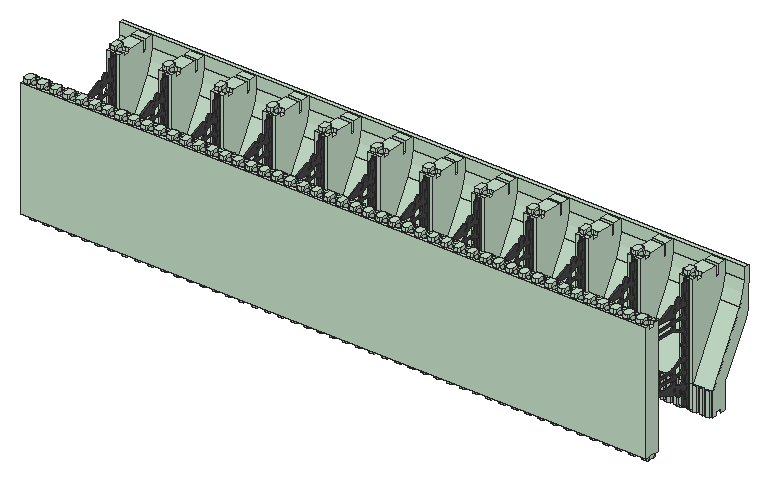
Revit family (continued)
Definition of nested family "NUDURA Diamond Pattern"
  Lines and regions (mm)
    model lines
      curve 178: arc (105.934, -142.875, 33.065) -> (101.444, -142.875, 34.925) -> (96.953, -142.875, 33.065) r 6.35
      curve 179: line (115.459, -142.875, 23.54) -> (105.934, -142.875, 33.065)
      curve 180: arc (115.459, -142.875, 14.56) -> (117.319, -142.875, 19.05) -> (115.459, -142.875, 23.54) r 6.35
      curve 181: line (105.934, -142.875, 5.035) -> (115.459, -142.875, 14.56)
      curve 182: arc (96.953, -142.875, 5.035) -> (101.444, -142.875, 3.175) -> (105.934, -142.875, 5.035) r 6.35
      curve 183: line (87.428, -142.875, 14.56) -> (96.953, -142.875, 5.035)
      curve 184: arc (87.428, -142.875, 23.54) -> (85.569, -142.875, 19.05) -> (87.428, -142.875, 14.56) r 6.35
      curve 185: line (96.953, -142.875, 33.065) -> (87.428, -142.875, 23.54)
      curve 186: arc (108.981, -142.875, 79.792) -> (107.493, -142.875, 76.2) -> (108.981, -142.875, 72.608) r 5.08
      curve 187: arc (108.981, -142.875, 117.892) -> (107.493, -142.875, 114.3) -> (108.981, -142.875, 110.708) r 5.08
      curve 188: arc (108.981, -142.875, 155.992) -> (107.493, -142.875, 152.4) -> (108.981, -142.875, 148.808) r 5.08
      curve 189: arc (108.981, -142.875, 194.092) -> (107.493, -142.875, 190.5) -> (108.981, -142.875, 186.908) r 5.08
      curve 190: arc (108.981, -142.875, 232.192) -> (107.493, -142.875, 228.6) -> (108.981, -142.875, 225.008) r 5.08
      curve 191: arc (108.981, -142.875, 270.292) -> (107.493, -142.875, 266.7) -> (108.981, -142.875, 263.108) r 5.08
      curve 192: arc (108.981, -142.875, 308.392) -> (107.493, -142.875, 304.8) -> (108.981, -142.875, 301.208) r 5.08
      curve 193: arc (108.981, -142.875, 346.492) -> (107.493, -142.875, 342.9) -> (108.981, -142.875, 339.308) r 5.08
      curve 194: arc (108.981, -142.875, 384.592) -> (107.493, -142.875, 381) -> (108.981, -142.875, 377.408) r 5.08
      curve 195: arc (108.981, -142.875, 422.692) -> (107.493, -142.875, 419.1) -> (108.981, -142.875, 415.508) r 5.08
Definition of nested family "NUDURA Logo Diamond"
  Reference planes
    plane 1 "Center (Front/Back)": y = 0
    plane 2: z = 0
    plane 3 "Center (Left/Right)": x = 0
  Lines and regions (mm)
    model lines
      curve 1: line (320.001, 0, 444.526) -> (311.021, 0, 453.507)
      curve 2: line (313.973, 0, 425.925) -> (320.001, 0, 431.954)
      curve 3: line (320.001, 0, 406.426) -> (313.973, 0, 412.455)
      curve 4: line (313.973, 0, 387.825) -> (320.001, 0, 393.854)
      curve 5: line (320.001, 0, 368.326) -> (313.973, 0, 374.355)
      curve 6: line (313.973, 0, 349.725) -> (320.001, 0, 355.754)
      curve 7: line (309.225, 0, 337.411) -> (322.887, 0, 323.749)
      curve 8: line (322.887, 0, 323.749) -> (324.683, 0, 325.545)
      curve 9: line (286.583, 0, 323.749) -> (300.245, 0, 337.411)
      curve 10: line (295.497, 0, 336.255) -> (284.787, 0, 325.545)
      curve 11: line (289.468, 0, 355.754) -> (295.497, 0, 349.725)
      curve 12: line (295.497, 0, 374.355) -> (289.468, 0, 368.326)
      curve 13: line (289.468, 0, 393.854) -> (295.497, 0, 387.825)
      curve 14: line (295.497, 0, 412.455) -> (289.468, 0, 406.426)
      curve 15: line (289.468, 0, 431.954) -> (295.497, 0, 425.925)
      curve 16: line (298.449, 0, 453.507) -> (289.468, 0, 444.526)
      curve 17: line (300.245, 0, 451.711) -> (291.265, 0, 442.73)
      curve 18: line (318.205, 0, 442.73) -> (309.225, 0, 451.711)
      curve 19: line (309.225, 0, 424.77) -> (318.205, 0, 433.75)
      curve 20: line (291.265, 0, 433.75) -> (300.245, 0, 424.77)
      curve 21: arc (289.468, 0, 444.526) -> (286.865, 0, 438.24) -> (289.468, 0, 431.954) r 8.89
      curve 22: arc (298.449, 0, 453.507) -> (304.735, 0, 456.111) -> (311.021, 0, 453.507) r 8.89
      curve 23: arc (291.265, 0, 442.73) -> (289.405, 0, 438.24) -> (291.265, 0, 433.75) r 6.35
      curve 24: arc (318.205, 0, 442.73) -> (320.065, 0, 438.24) -> (318.205, 0, 433.75) r 6.35
      curve 25: arc (309.225, 0, 424.77) -> (304.735, 0, 422.91) -> (300.245, 0, 424.77) r 6.35
      curve 26: arc (300.245, 0, 451.711) -> (304.735, 0, 453.571) -> (309.225, 0, 451.711) r 6.35
      curve 27: arc (320.001, 0, 444.526) -> (322.605, 0, 438.24) -> (320.001, 0, 431.954) r 8.89
      curve 28: arc (295.497, 0, 425.925) -> (298.287, 0, 419.19) -> (295.497, 0, 412.455) r 9.525
      curve 29: arc (313.973, 0, 425.925) -> (311.183, 0, 419.19) -> (313.973, 0, 412.455) r 9.525
      curve 30: line (313.973, 0, 387.825) -> (320.001, 0, 393.854)
      curve 31: line (289.468, 0, 393.854) -> (295.497, 0, 387.825)
      curve 32: line (300.245, 0, 413.611) -> (291.265, 0, 404.63)
      curve 33: line (318.205, 0, 404.63) -> (309.225, 0, 413.611)
      curve 34: line (309.225, 0, 386.67) -> (318.205, 0, 395.65)
      curve 35: line (291.265, 0, 395.65) -> (300.245, 0, 386.67)
      curve 36: arc (289.468, 0, 406.426) -> (286.865, 0, 400.14) -> (289.468, 0, 393.854) r 8.89
      curve 37: arc (291.265, 0, 404.63) -> (289.405, 0, 400.14) -> (291.265, 0, 395.65) r 6.35
      curve 38: arc (318.205, 0, 404.63) -> (320.065, 0, 400.14) -> (318.205, 0, 395.65) r 6.35
      curve 39: arc (309.225, 0, 386.67) -> (304.735, 0, 384.81) -> (300.245, 0, 386.67) r 6.35
      curve 40: arc (300.245, 0, 413.611) -> (304.735, 0, 415.471) -> (309.225, 0, 413.611) r 6.35
      curve 41: arc (320.001, 0, 406.426) -> (322.605, 0, 400.14) -> (320.001, 0, 393.854) r 8.89
      curve 42: line (295.497, 0, 412.455) -> (289.468, 0, 406.426)
      curve 43: line (320.001, 0, 406.426) -> (313.973, 0, 412.455)
      curve 44: arc (295.497, 0, 387.825) -> (298.287, 0, 381.09) -> (295.497, 0, 374.355) r 9.525
      curve 45: arc (313.973, 0, 387.825) -> (311.183, 0, 381.09) -> (313.973, 0, 374.355) r 9.525
      curve 46: line (313.973, 0, 349.725) -> (320.001, 0, 355.754)
      curve 47: line (289.468, 0, 355.754) -> (295.497, 0, 349.725)
      curve 48: line (300.245, 0, 375.511) -> (291.265, 0, 366.53)
      curve 49: line (318.205, 0, 366.53) -> (309.225, 0, 375.511)
      curve 50: line (309.225, 0, 348.57) -> (318.205, 0, 357.55)
      curve 51: line (291.265, 0, 357.55) -> (300.245, 0, 348.57)
      curve 52: arc (289.468, 0, 368.326) -> (286.865, 0, 362.04) -> (289.468, 0, 355.754) r 8.89
      curve 53: arc (291.265, 0, 366.53) -> (289.405, 0, 362.04) -> (291.265, 0, 357.55) r 6.35
      curve 54: arc (318.205, 0, 366.53) -> (320.065, 0, 362.04) -> (318.205, 0, 357.55) r 6.35
      curve 55: arc (309.225, 0, 348.57) -> (304.735, 0, 346.71) -> (300.245, 0, 348.57) r 6.35
      curve 56: arc (300.245, 0, 375.511) -> (304.735, 0, 377.371) -> (309.225, 0, 375.511) r 6.35
      curve 57: arc (320.001, 0, 368.326) -> (322.605, 0, 362.04) -> (320.001, 0, 355.754) r 8.89
      curve 58: line (295.497, 0, 374.355) -> (289.468, 0, 368.326)
      curve 59: arc (295.497, 0, 349.725) -> (298.287, 0, 342.99) -> (295.497, 0, 336.255) r 9.525
      curve 60: arc (313.973, 0, 349.725) -> (311.183, 0, 342.99) -> (313.973, 0, 336.255) r 9.525
      curve 61: line (324.683, 0, 325.545) -> (313.973, 0, 336.255)
      curve 62: line (284.787, 0, 325.545) -> (286.583, 0, 323.749)
      curve 63: arc (300.245, 0, 337.411) -> (304.735, 0, 339.271) -> (309.225, 0, 337.411) r 6.35
      curve 64: line (320.001, 0, 12.854) -> (311.021, 0, 3.874)
      curve 65: line (313.973, 0, 31.455) -> (320.001, 0, 25.426)
      curve 66: line (320.001, 0, 50.954) -> (313.973, 0, 44.925)
      curve 67: line (313.973, 0, 69.555) -> (320.001, 0, 63.526)
      curve 68: line (320.001, 0, 89.054) -> (313.973, 0, 83.025)
      curve 69: line (313.973, 0, 107.655) -> (320.001, 0, 101.626)
      curve 70: line (309.225, 0, 119.97) -> (322.887, 0, 133.632)
      curve 71: line (322.887, 0, 133.632) -> (324.683, 0, 131.836)
      curve 72: line (286.583, 0, 133.632) -> (300.245, 0, 119.97)
      curve 73: line (295.497, 0, 121.125) -> (284.787, 0, 131.836)
      curve 74: line (289.468, 0, 101.626) -> (295.497, 0, 107.655)
      curve 75: line (295.497, 0, 83.025) -> (289.468, 0, 89.054)
      curve 76: line (289.468, 0, 63.526) -> (295.497, 0, 69.555)
      curve 77: line (295.497, 0, 44.925) -> (289.468, 0, 50.954)
      curve 78: line (289.468, 0, 25.426) -> (295.497, 0, 31.455)
      curve 79: line (298.449, 0, 3.874) -> (289.468, 0, 12.854)
      curve 80: line (300.245, 0, 5.67) -> (291.265, 0, 14.65)
      curve 81: line (318.205, 0, 14.65) -> (309.225, 0, 5.67)
      curve 82: line (309.225, 0, 32.611) -> (318.205, 0, 23.63)
      curve 83: line (291.265, 0, 23.63) -> (300.245, 0, 32.611)
      curve 84: arc (289.468, 0, 12.854) -> (286.865, 0, 19.14) -> (289.468, 0, 25.426) r 8.89
      curve 85: arc (298.449, 0, 3.874) -> (304.735, 0, 1.27) -> (311.021, 0, 3.874) r 8.89
      curve 86: arc (291.265, 0, 14.65) -> (289.405, 0, 19.14) -> (291.265, 0, 23.63) r 6.35
      curve 87: arc (318.205, 0, 14.65) -> (320.065, 0, 19.14) -> (318.205, 0, 23.63) r 6.35
      curve 88: arc (309.225, 0, 32.611) -> (304.735, 0, 34.471) -> (300.245, 0, 32.611) r 6.35
      curve 89: arc (300.245, 0, 5.67) -> (304.735, 0, 3.81) -> (309.225, 0, 5.67) r 6.35
      curve 90: arc (320.001, 0, 12.854) -> (322.605, 0, 19.14) -> (320.001, 0, 25.426) r 8.89
      curve 91: arc (295.497, 0, 31.455) -> (298.287, 0, 38.19) -> (295.497, 0, 44.925) r 9.525
      curve 92: arc (313.973, 0, 31.455) -> (311.183, 0, 38.19) -> (313.973, 0, 44.925) r 9.525
      curve 93: line (313.973, 0, 69.555) -> (320.001, 0, 63.526)
      curve 94: line (289.468, 0, 63.526) -> (295.497, 0, 69.555)
      curve 95: line (300.245, 0, 43.77) -> (291.265, 0, 52.75)
      curve 96: line (318.205, 0, 52.75) -> (309.225, 0, 43.77)
      curve 97: line (309.225, 0, 70.711) -> (318.205, 0, 61.73)
      curve 98: line (291.265, 0, 61.73) -> (300.245, 0, 70.711)
      curve 99: arc (289.468, 0, 50.954) -> (286.865, 0, 57.24) -> (289.468, 0, 63.526) r 8.89
      curve 100: arc (291.265, 0, 52.75) -> (289.405, 0, 57.24) -> (291.265, 0, 61.73) r 6.35
      curve 101: arc (318.205, 0, 52.75) -> (320.065, 0, 57.24) -> (318.205, 0, 61.73) r 6.35
      curve 102: arc (309.225, 0, 70.711) -> (304.735, 0, 72.571) -> (300.245, 0, 70.711) r 6.35
      curve 103: arc (300.245, 0, 43.77) -> (304.735, 0, 41.91) -> (309.225, 0, 43.77) r 6.35
      curve 104: arc (320.001, 0, 50.954) -> (322.605, 0, 57.24) -> (320.001, 0, 63.526) r 8.89
      curve 105: line (295.497, 0, 44.925) -> (289.468, 0, 50.954)
      curve 106: line (320.001, 0, 50.954) -> (313.973, 0, 44.925)
      curve 107: arc (295.497, 0, 69.555) -> (298.287, 0, 76.29) -> (295.497, 0, 83.025) r 9.525
      curve 108: arc (313.973, 0, 69.555) -> (311.183, 0, 76.29) -> (313.973, 0, 83.025) r 9.525
      curve 109: line (313.973, 0, 107.655) -> (320.001, 0, 101.626)
      curve 110: line (289.468, 0, 101.626) -> (295.497, 0, 107.655)
      curve 111: line (300.245, 0, 81.87) -> (291.265, 0, 90.85)
      curve 112: line (318.205, 0, 90.85) -> (309.225, 0, 81.87)
      curve 113: line (309.225, 0, 108.811) -> (318.205, 0, 99.83)
      curve 114: line (291.265, 0, 99.83) -> (300.245, 0, 108.811)
      curve 115: arc (289.468, 0, 89.054) -> (286.865, 0, 95.34) -> (289.468, 0, 101.626) r 8.89
      curve 116: arc (291.265, 0, 90.85) -> (289.405, 0, 95.34) -> (291.265, 0, 99.83) r 6.35
      curve 117: arc (318.205, 0, 90.85) -> (320.065, 0, 95.34) -> (318.205, 0, 99.83) r 6.35
      curve 118: arc (309.225, 0, 108.811) -> (304.735, 0, 110.671) -> (300.245, 0, 108.811) r 6.35
      curve 119: arc (300.245, 0, 81.87) -> (304.735, 0, 80.01) -> (309.225, 0, 81.87) r 6.35
      curve 120: arc (320.001, 0, 89.054) -> (322.605, 0, 95.34) -> (320.001, 0, 101.626) r 8.89
      curve 121: line (295.497, 0, 83.025) -> (289.468, 0, 89.054)
      curve 122: arc (295.497, 0, 107.655) -> (298.287, 0, 114.39) -> (295.497, 0, 121.125) r 9.525
      curve 123: arc (313.973, 0, 107.655) -> (311.183, 0, 114.39) -> (313.973, 0, 121.125) r 9.525
      curve 124: line (324.683, 0, 131.836) -> (313.973, 0, 121.125)
      curve 125: line (284.787, 0, 131.836) -> (286.583, 0, 133.632)
      curve 126: arc (300.245, 0, 119.97) -> (304.735, 0, 118.11) -> (309.225, 0, 119.97) r 6.35
      curve 127: line (314.26, 0, 317.59) -> (295.21, 0, 317.59)
      curve 128: line (323.785, 0, 149.315) -> (323.785, 0, 308.065)
      curve 129: line (285.685, 0, 308.065) -> (285.685, 0, 149.315)
      curve 130: line (295.21, 0, 139.79) -> (314.26, 0, 139.79)
      curve 131: line (316.797, 0, 304.89) -> (305.798, 0, 311.24)
      curve 132: line (316.797, 0, 292.19) -> (316.797, 0, 304.89)
      curve 133: line (311.298, 0, 289.015) -> (316.797, 0, 292.19)
      curve 134: line (305.373, 0, 292.436) -> (311.298, 0, 289.015)
      curve 135: line (310.447, 0, 295.365) -> (305.373, 0, 292.436)
      curve 136: line (299.874, 0, 307.82) -> (310.447, 0, 301.715)
      curve 137: line (310.447, 0, 301.715) -> (310.447, 0, 295.365)
      curve 138: line (305.798, 0, 311.24) -> (299.874, 0, 307.82)
      curve 139: line (299.023, 0, 295.611) -> (304.097, 0, 298.54)
      curve 140: line (304.097, 0, 298.54) -> (298.172, 0, 301.961)
      curve 141: line (298.172, 0, 301.961) -> (292.673, 0, 298.786)
      curve 142: line (292.673, 0, 298.786) -> (292.673, 0, 286.086)
      curve 143: line (299.023, 0, 289.261) -> (299.023, 0, 295.611)
      curve 144: line (309.596, 0, 283.156) -> (299.023, 0, 289.261)
      curve 145: line (303.671, 0, 279.736) -> (309.596, 0, 283.156)
      curve 146: line (292.673, 0, 286.086) -> (303.671, 0, 279.736)
      curve 147: line (312.702, 0, 269.344) -> (296.768, 0, 272.912)
      curve 148: line (296.768, 0, 272.912) -> (296.768, 0, 267.036)
      curve 149: line (296.768, 0, 267.036) -> (308.089, 0, 264.517)
      curve 150: line (308.089, 0, 264.517) -> (296.768, 0, 260.949)
      curve 151: line (296.768, 0, 260.949) -> (296.768, 0, 251.084)
      curve 152: line (296.768, 0, 251.084) -> (309.138, 0, 248.314)
      curve 153: line (309.138, 0, 248.314) -> (309.138, 0, 247.516)
      curve 154: line (309.138, 0, 247.516) -> (301.281, 0, 248.991)
      curve 155: line (296.768, 0, 245.246) -> (296.768, 0, 237.71)
      curve 156: line (306.598, 0, 222.094) -> (306.598, 0, 228.599)
      curve 157: line (306.598, 0, 228.599) -> (296.768, 0, 230.786)
      curve 158: line (296.768, 0, 230.786) -> (296.768, 0, 215.343)
      curve 159: line (302.723, 0, 230.274) -> (312.702, 0, 228.039)
      curve 160: line (300.341, 0, 217.291) -> (300.341, 0, 223.486)
      curve 161: line (300.341, 0, 223.486) -> (306.598, 0, 222.094)
      curve 162: line (296.768, 0, 205.027) -> (296.768, 0, 197.49)
      curve 163: line (302.723, 0, 190.055) -> (310.162, 0, 188.389)
      curve 164: line (310.162, 0, 188.389) -> (310.162, 0, 176.633)
      curve 165: line (308.892, 0, 175.363) -> (307.868, 0, 175.363)
      curve 166: line (306.598, 0, 176.633) -> (306.598, 0, 180.004)
      curve 167: line (306.598, 0, 180.004) -> (307.868, 0, 179.719)
      curve 168: line (307.868, 0, 179.719) -> (307.868, 0, 186.3)
      curve 169: line (307.868, 0, 186.3) -> (296.768, 0, 188.785)
      curve 170: line (296.768, 0, 188.785) -> (296.768, 0, 182.205)
      curve 171: line (296.768, 0, 182.205) -> (304.058, 0, 180.572)
      curve 172: line (304.058, 0, 180.572) -> (304.058, 0, 177.654)
      curve 173: line (302.788, 0, 176.384) -> (296.768, 0, 176.384)
      curve 174: line (296.768, 0, 176.384) -> (296.768, 0, 164.003)
      curve 175: line (296.768, 0, 164.003) -> (299.284, 0, 162.219)
      curve 176: line (299.284, 0, 162.219) -> (299.284, 0, 153.715)
      curve 177: line (307.942, 0, 156.079) -> (301.824, 0, 160.418)
      curve 178: line (301.824, 0, 160.418) -> (301.824, 0, 154.409)
      curve 179: line (301.824, 0, 154.409) -> (307.942, 0, 156.079)
      curve 180: line (299.284, 0, 153.715) -> (296.768, 0, 153.028)
      curve 181: line (296.768, 0, 153.028) -> (296.768, 0, 146.14)
      curve 182: line (296.768, 0, 146.14) -> (312.702, 0, 150.491)
      curve 183: line (312.702, 0, 150.491) -> (312.702, 0, 159.713)
      curve 184: line (312.702, 0, 159.713) -> (298.767, 0, 169.594)
      curve 185: line (298.767, 0, 169.594) -> (302.342, 0, 169.594)
      curve 186: line (312.702, 0, 172.383) -> (312.702, 0, 193.945)
      curve 187: line (312.702, 0, 193.945) -> (302.326, 0, 196.268)
      curve 188: line (300.341, 0, 198.747) -> (300.341, 0, 201.381)
      curve 189: line (301.888, 0, 202.62) -> (312.702, 0, 200.199)
      curve 190: line (312.702, 0, 200.199) -> (312.702, 0, 206.628)
      curve 191: line (312.702, 0, 206.628) -> (306.843, 0, 207.728)
      curve 192: line (312.702, 0, 212.942) -> (312.702, 0, 227.241)
      curve 193: line (312.702, 0, 227.241) -> (309.138, 0, 228.034)
      curve 194: line (309.138, 0, 228.034) -> (309.138, 0, 217.291)
      curve 195: line (312.702, 0, 228.039) -> (312.702, 0, 234.164)
      curve 196: line (312.702, 0, 234.164) -> (302.326, 0, 236.488)
      curve 197: line (300.341, 0, 238.966) -> (300.341, 0, 241.6)
      curve 198: line (301.736, 0, 242.874) -> (312.702, 0, 240.418)
      curve 199: line (312.702, 0, 240.418) -> (312.702, 0, 253.611)
      curve 200: line (312.702, 0, 253.611) -> (302.429, 0, 255.912)
      curve 201: line (302.429, 0, 255.912) -> (312.702, 0, 259.27)
      curve 202: line (312.702, 0, 259.27) -> (312.702, 0, 269.344)
      curve 203: arc (296.768, 0, 245.246) -> (298.145, 0, 248.178) -> (301.281, 0, 248.991) r 3.81
      curve 204: arc (296.768, 0, 237.71) -> (298.44, 0, 232.946) -> (302.723, 0, 230.274) r 7.62
      curve 205: arc (300.842, 0, 208.826) -> (297.87, 0, 211.5) -> (296.768, 0, 215.343) r 7.251
      curve 206: arc (296.768, 0, 205.027) -> (297.979, 0, 207.812) -> (300.842, 0, 208.826) r 3.808
      curve 207: arc (296.768, 0, 197.49) -> (298.44, 0, 192.727) -> (302.723, 0, 190.055) r 7.62
      curve 208: arc (300.341, 0, 198.747) -> (300.898, 0, 197.159) -> (302.326, 0, 196.268) r 2.54
      curve 209: arc (300.341, 0, 201.381) -> (300.817, 0, 202.372) -> (301.888, 0, 202.62) r 1.27
      curve 210: arc (307.868, 0, 175.363) -> (306.969, 0, 175.735) -> (306.598, 0, 176.633) r 1.27
      curve 211: arc (308.892, 0, 175.363) -> (309.79, 0, 175.735) -> (310.162, 0, 176.633) r 1.27
      curve 212: arc (304.058, 0, 177.654) -> (303.686, 0, 176.756) -> (302.788, 0, 176.384) r 1.27
      curve 213: arc (302.342, 0, 169.594) -> (303.976, 0, 170.198) -> (304.826, 0, 171.718) r 2.516
      curve 214: arc (304.826, 0, 171.718) -> (309.07, 0, 168.432) -> (312.702, 0, 172.383) r 3.966
      curve 215: arc (306.843, 0, 207.728) -> (310.942, 0, 209.02) -> (312.702, 0, 212.942) r 5.249
      curve 216: arc (300.341, 0, 217.291) -> (304.739, 0, 212.893) -> (309.138, 0, 217.291) r 4.398
      curve 217: arc (300.341, 0, 238.966) -> (300.898, 0, 237.378) -> (302.326, 0, 236.488) r 2.54
      curve 218: arc (300.341, 0, 241.6) -> (300.886, 0, 242.648) -> (302.057, 0, 242.802) r 1.279
      curve 219: arc (285.685, 0, 308.065) -> (288.475, 0, 314.8) -> (295.21, 0, 317.59) r 9.525
      curve 220: arc (314.26, 0, 317.59) -> (320.995, 0, 314.8) -> (323.785, 0, 308.065) r 9.525
      curve 221: arc (285.685, 0, 149.315) -> (288.475, 0, 142.58) -> (295.21, 0, 139.79) r 9.525
      curve 222: arc (314.26, 0, 139.79) -> (320.995, 0, 142.58) -> (323.785, 0, 149.315) r 9.525
      curve 223: line (253.935, 0, 457.2) -> (253.935, 0, 0)
      curve 224: line (355.535, 0, 457.2) -> (355.535, 0, 0)
      curve 225: line (406.335, 0, 457.2) -> (406.335, 0, 0)
Definition of nested family "NUDURA Brick Ledge Diamond Pattern"
  Reference planes
    plane 1 "Center (Front/Back)": y = 0
    plane 2: z = 0
    plane 3 "Center (Left/Right)": x = 0
    plane 4: z = 101.6
  Lines and regions (mm)
    model lines
      curve 1: line (203.2, -142.875, 101.6) -> (203.2, -142.875, 0)
      curve 2: line (152.4, -142.875, 101.6) -> (152.4, -142.875, 0)
      curve 3: line (50.8, -142.875, 101.6) -> (50.8, -142.875, 0)
      curve 4: arc (117.704, -142.875, 88.515) -> (120.494, -142.875, 95.25) -> (117.704, -142.875, 101.985) r 9.525
      curve 5: line (108.981, -142.875, 79.792) -> (117.704, -142.875, 88.515)
      curve 6: line (85.183, -142.875, 88.515) -> (93.906, -142.875, 79.792)
      curve 7: arc (85.183, -142.875, 101.985) -> (82.394, -142.875, 95.25) -> (85.183, -142.875, 88.515) r 9.525
      curve 8: arc (105.934, -142.875, 109.265) -> (101.444, -142.875, 111.125) -> (96.953, -142.875, 109.265) r 6.35
      curve 9: line (96.953, -142.875, 109.265) -> (87.428, -142.875, 99.74)
      curve 10: arc (87.428, -142.875, 99.74) -> (85.569, -142.875, 95.25) -> (87.428, -142.875, 90.76) r 6.35
      curve 11: line (87.428, -142.875, 90.76) -> (96.953, -142.875, 81.235)
      curve 12: arc (96.953, -142.875, 81.235) -> (101.444, -142.875, 79.375) -> (105.934, -142.875, 81.235) r 6.35
      curve 13: line (105.934, -142.875, 81.235) -> (115.459, -142.875, 90.76)
      curve 14: arc (115.459, -142.875, 90.76) -> (117.319, -142.875, 95.25) -> (115.459, -142.875, 99.74) r 6.35
      curve 15: line (115.459, -142.875, 99.74) -> (105.934, -142.875, 109.265)
      curve 16: arc (93.906, -142.875, 72.608) -> (95.394, -142.875, 76.2) -> (93.906, -142.875, 79.792) r 5.08
      curve 17: line (117.704, -142.875, 63.885) -> (108.981, -142.875, 72.608)
      curve 18: arc (117.704, -142.875, 50.415) -> (120.494, -142.875, 57.15) -> (117.704, -142.875, 63.885) r 9.525
      curve 19: line (108.981, -142.875, 41.692) -> (117.704, -142.875, 50.415)
      curve 20: line (85.183, -142.875, 50.415) -> (93.906, -142.875, 41.692)
      curve 21: arc (85.183, -142.875, 63.885) -> (82.394, -142.875, 57.15) -> (85.183, -142.875, 50.415) r 9.525
      curve 22: line (93.906, -142.875, 72.608) -> (85.183, -142.875, 63.885)
      curve 23: arc (105.934, -142.875, 71.165) -> (101.444, -142.875, 73.025) -> (96.953, -142.875, 71.165) r 6.35
      curve 24: line (96.953, -142.875, 71.165) -> (87.428, -142.875, 61.64)
      curve 25: arc (87.428, -142.875, 61.64) -> (85.569, -142.875, 57.15) -> (87.428, -142.875, 52.66) r 6.35
      curve 26: line (87.428, -142.875, 52.66) -> (96.953, -142.875, 43.135)
      curve 27: arc (96.953, -142.875, 43.135) -> (101.444, -142.875, 41.275) -> (105.934, -142.875, 43.135) r 6.35
      curve 28: line (105.934, -142.875, 43.135) -> (115.459, -142.875, 52.66)
      curve 29: arc (115.459, -142.875, 52.66) -> (117.319, -142.875, 57.15) -> (115.459, -142.875, 61.64) r 6.35
      curve 30: line (115.459, -142.875, 61.64) -> (105.934, -142.875, 71.165)
      curve 31: arc (93.906, -142.875, 34.508) -> (95.394, -142.875, 38.1) -> (93.906, -142.875, 41.692) r 5.08
      curve 32: line (93.906, -142.875, 34.508) -> (85.183, -142.875, 25.785)
      curve 33: arc (85.183, -142.875, 25.785) -> (82.394, -142.875, 19.05) -> (85.183, -142.875, 12.315) r 9.525
      curve 34: line (85.183, -142.875, 12.315) -> (94.708, -142.875, 2.79)
      curve 35: arc (94.708, -142.875, 2.79) -> (101.444, -142.875, 0) -> (108.179, -142.875, 2.79) r 9.525
      curve 36: line (108.179, -142.875, 2.79) -> (117.704, -142.875, 12.315)
      curve 37: arc (117.704, -142.875, 12.315) -> (120.494, -142.875, 19.05) -> (117.704, -142.875, 25.785) r 9.525
      curve 38: line (117.704, -142.875, 25.785) -> (108.981, -142.875, 34.508)
      curve 39: arc (108.981, -142.875, 41.692) -> (107.493, -142.875, 38.1) -> (108.981, -142.875, 34.508) r 5.08
      curve 40: arc (105.934, -142.875, 33.065) -> (101.444, -142.875, 34.925) -> (96.953, -142.875, 33.065) r 6.35
      curve 41: line (115.459, -142.875, 23.54) -> (105.934, -142.875, 33.065)
      curve 42: arc (115.459, -142.875, 14.56) -> (117.319, -142.875, 19.05) -> (115.459, -142.875, 23.54) r 6.35
      curve 43: line (105.934, -142.875, 5.035) -> (115.459, -142.875, 14.56)
      curve 44: arc (96.953, -142.875, 5.035) -> (101.444, -142.875, 3.175) -> (105.934, -142.875, 5.035) r 6.35
      curve 45: line (87.428, -142.875, 14.56) -> (96.953, -142.875, 5.035)
      curve 46: arc (87.428, -142.875, 23.54) -> (85.569, -142.875, 19.05) -> (87.428, -142.875, 14.56) r 6.35
      curve 47: line (96.953, -142.875, 33.065) -> (87.428, -142.875, 23.54)
      curve 48: arc (108.981, -142.875, 79.792) -> (107.493, -142.875, 76.2) -> (108.981, -142.875, 72.608) r 5.08
      curve 49: line (94.708, -142.875, 111.51) -> (85.183, -142.875, 101.985)
      curve 50: arc (108.179, -142.875, 111.51) -> (101.444, -142.875, 114.3) -> (94.708, -142.875, 111.51) r 9.525
      curve 51: line (117.704, -142.875, 101.985) -> (108.179, -142.875, 111.51)
